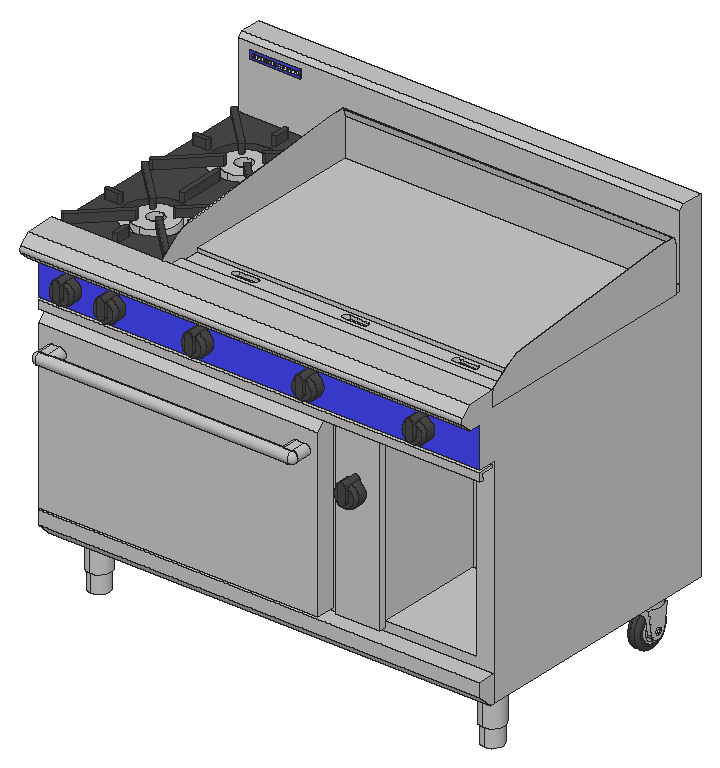
Revit family "QF_MOFFAT_BLUESEAL_CE_G508A", category Specialty Equipment, Revit 2012
Parameters
  Width = 1200 mm
  Weight in Pounds = 568
  URL Cutsheet = "www.moffat.com"
  URL = "www.moffat.com"
  Type Mark [instance] = ""
  Status [instance] = ""
  Specification by User [instance] = ""
  Specification by Manufacturer = ""
  Show Logo [instance] = yes
  Show Clearance [instance] = yes
  Show Casters [instance] = yes
  Serial Number = ""
  Seismic Rating = ""
  SMACNA No = ""
  Revision Code [instance] = ""
  Omniclass Number and Title = ""
  NAFEM Spec ID Number = ""
  Model = "G508A"
  Mechanical Remarks = ""
  Mechanical Connection Type [instance] = ""
  Masterspec = ""
  Manufacturer = "MOFFAT BLUESEAL"
  Legs [instance] = not(Show Casters)  # no
  Item Number [instance] = ""
  Installed By [instance] = ""
  Identify Quantity as Lot [instance] = yes
  Height = 970 mm
  Gas Size = 3/4"
  Gas RI Height [instance] = 0 mm
  Gas KW [instance] = 40.5
  Gas Input [instance] = 43599.0 Btu/h
  Gas Connection Height = 0 mm
  Furnished By [instance] = ""
  Foodservice Equipment Identifier [instance] = yes
  Description = "1200MM GAS RANGE WITH STATIC OVEN"
  Depth = 812 mm
  CSI MasterFormat = ""
  CSI Master Format = ""
  Body Finish = QF_Finishes_Stainless Steel
Reference planes
  plane 1 "BACK": y = 0
  plane 2: z = 0
  plane 3 "LEFT": x = 0
  plane 4 "RIGHT": x = 1200
  plane 5 "FRONT": y = -812
  plane 6 "TOP": z = 970
  plane 7 "Center Y": x = 600
  plane 8 "Center X": y = -406
  plane 9: x = 280
  plane 10: y = -574.272
  plane 11: x = 60
  plane 12: y = -304.972
  plane 13: y = -364.972
  plane 14: x = 74
  plane 15: y = -812
  plane 16: x = 1134.5
  plane 17: y = -32
  plane 18: z = 655
  plane 19: x = 65.5
  plane 20: x = 65.8
  plane 21: z = 1085
  plane 22: y = -705
Forms (mm)
  Extrusion 1, solid, material "QF_Finishes_Stainless Steel" <- "Body Finish"
    sketch origin (0, 0, 0) x (0, 1, 0) y (0, 0, 1)
      loop
        line (0, 150) -> (0, 1085) -> (-57.5, 1085) -> (-70, 1072.5) -> (-70, 875) -> (-705, 875) -> (-705, 915) -> (-783.97, 915) -> (-808.49, 890.48)
        arc (-808.49, 890.48) -> (-812.002, 882) -> (-808.49, 873.52) r 11.993
        line (-808.49, 873.52) -> (-784.97, 850) -> (-749, 850) -> (-749, 740) -> (-699, 740) -> (-699, 150) -> (0, 150)
      loop
        line (-749, 222.5) -> (-749, 186) -> (-713.26, 150.26) -> (-701, 150.26) -> (-701, 222.5) -> (-749, 222.5)
      loop
        line (-749, 710) -> (-740.224, 710) -> (-742.613, 726.999) -> (-707.93, 726.999) -> (-707.93, 734.003) -> (-749, 734.003) -> (-749, 710)
    from 0 to 1200
  Extrusion 2, solid, material "QF_Finishes_Stainless Steel"
    sketch origin (0, 7, 0) x (0, 1, 0) y (0, 0, 1)
      loop
        line (-706, 700) -> (-732, 700) -> (-756, 676) -> (-756, 227.5) -> (-706, 227.5) -> (-706, 700)
    from 0 to 760
  Extrusion 3, solid, material "QF_Finishes_Stainless Steel"
    sketch origin (723.5, 7, 0) x (0, 1, 0) y (0, 0, 1)
      loop
        line (-706, 700) -> (-721, 700) -> (-721, 227.5) -> (-706, 227.5) -> (-706, 700)
    from 56.898 to 176.5
  Revolve 4, solid, material "QF_Finishes_Stainless Steel" <- "Body Finish"
    sketch origin (1134.5, -696.126, 0) x (0, 1, 0) y (0, 0, -1)
      loop
        line (39.376, -150) -> (71.126, -150) -> (71.126, 0) -> (43.626, 0) -> (43.626, -50) -> (39.376, -50) -> (39.376, -150)
      axis (71.126, -150) -> (71.126, 0)
    angle from 0 to 360
  Revolve 5, solid, material "QF_Finishes_Stainless Steel" <- "Body Finish"
    sketch origin (65.5, -696.126, 0) x (0, 1, 0) y (0, 0, 1)
      loop
        line (39.376, 150) -> (39.376, 50) -> (43.626, 50) -> (43.626, 0) -> (71.126, 0) -> (71.126, 150) -> (39.376, 150)
      axis (71.126, 150) -> (71.126, 0)
    angle from 0 to 360
  Extrusion 6, solid, material "QF_Finishes_Stainless Steel"
    sketch origin (-64.5, 0, 325) x (1, 0, 0) y (0, 1, 0)
      loop
        circle (1134.5, -32) r 10
    from 330 to 374.856
  Extrusion 7, void
    sketch origin (0, -703.73, 150) x (0, 0, -1) y (-1, 0, 0)
      loop
        line (-526, -900) -> (-526, -1150) -> (-96, -1150) -> (-96, -900) -> (-526, -900)
    from 0 to 304.8
  Extrusion 8, solid, material "QF_Finishes_Black"
    sketch origin (0, -70, 875) x (0, -1, 0) y (1, 0, 0)
      loop
        arc (1, 4) -> (1.879, 1.879) -> (4, 1) r 3
        line (4, 1) -> (632, 1)
        arc (632, 1) -> (634.121, 1.879) -> (635, 4) r 3
        line (635, 4) -> (635, 297.232)
        arc (635, 297.232) -> (634.121, 299.354) -> (632, 300.232) r 3
        line (632, 300.232) -> (4, 300.232)
        arc (4, 300.232) -> (1.879, 299.354) -> (1, 297.232) r 3
        line (1, 297.232) -> (1, 4)
      loop
        circle (167.5, 150) r 85
      loop
        circle (467.768, 150) r 85
    from 0 to 19.5
  Extrusion 9, solid, material "QF_Finishes_Black"
    sketch origin (0, -70, 894.5) x (0, -1, 0) y (1, 0, 0)
      loop
        spline (327.102, 15.153) -> (326.181, 13.924) -> (325.631, 12.47) -> (325.49, 10.89) -> (325.767, 9.292) -> (326.443, 7.786) -> (327.473, 6.473) -> (328.786, 5.443) -> (330.292, 4.767) -> (331.89, 4.49) -> (333.47, 4.631) -> (334.924, 5.181) -> (336.153, 6.102)
        line (336.153, 6.102) -> (444.076, 114.025)
        spline (444.076, 114.025) -> (444.837, 115.095) -> (445.238, 116.399) -> (445.251, 117.851) -> (444.875, 119.35) -> (444.137, 120.795) -> (443.086, 122.086) -> (441.795, 123.137) -> (440.35, 123.875) -> (438.851, 124.251) -> (437.399, 124.238) -> (436.095, 123.837) -> (435.025, 123.076)
        line (435.025, 123.076) -> (327.102, 15.153)
      loop
        line (611.398, 15.153) -> (503.475, 123.076)
        spline (503.475, 123.076) -> (502.405, 123.837) -> (501.101, 124.238) -> (499.649, 124.251) -> (498.15, 123.875) -> (496.705, 123.137) -> (495.414, 122.086) -> (494.363, 120.795) -> (493.625, 119.35) -> (493.249, 117.851) -> (493.262, 116.399) -> (493.663, 115.095) -> (494.424, 114.025)
        line (494.424, 114.025) -> (602.347, 6.102)
        spline (602.347, 6.102) -> (603.416, 5.341) -> (604.721, 4.941) -> (606.172, 4.928) -> (607.671, 5.303) -> (609.116, 6.041) -> (610.408, 7.092) -> (611.459, 8.384) -> (612.197, 9.829) -> (612.572, 11.328) -> (612.559, 12.779) -> (612.159, 14.084) -> (611.398, 15.153)
      loop
        spline (379.102, 143.6) -> (380.396, 143.818) -> (381.602, 144.457) -> (382.638, 145.475) -> (383.432, 146.8) -> (383.932, 148.344) -> (384.102, 150) -> (383.932, 151.656) -> (383.432, 153.2) -> (382.638, 154.525) -> (381.602, 155.543) -> (380.396, 156.182) -> (379.102, 156.4)
        line (379.102, 156.4) -> (259.398, 156.4)
        spline (259.398, 156.4) -> (258.104, 156.182) -> (256.898, 155.543) -> (255.862, 154.525) -> (255.068, 153.2) -> (254.568, 151.656) -> (254.398, 150) -> (254.568, 148.344) -> (255.068, 146.8) -> (255.862, 145.475) -> (256.898, 144.457) -> (258.104, 143.818) -> (259.398, 143.6)
        line (259.398, 143.6) -> (379.102, 143.6)
      loop
        spline (23.602, 15.153) -> (22.681, 13.924) -> (22.131, 12.47) -> (21.99, 10.89) -> (22.267, 9.292) -> (22.943, 7.786) -> (23.973, 6.473) -> (25.286, 5.443) -> (26.792, 4.767) -> (28.39, 4.49) -> (29.97, 4.631) -> (31.424, 5.181) -> (32.653, 6.102)
        line (32.653, 6.102) -> (140.576, 114.025)
        spline (140.576, 114.025) -> (141.337, 115.095) -> (141.738, 116.399) -> (141.751, 117.851) -> (141.375, 119.35) -> (140.637, 120.795) -> (139.586, 122.086) -> (138.295, 123.137) -> (136.85, 123.875) -> (135.351, 124.251) -> (133.899, 124.238) -> (132.595, 123.837) -> (131.525, 123.076)
        line (131.525, 123.076) -> (23.602, 15.153)
      loop
        line (311.398, 15.153) -> (203.475, 123.076)
        spline (203.475, 123.076) -> (202.405, 123.837) -> (201.101, 124.238) -> (199.649, 124.251) -> (198.15, 123.875) -> (196.705, 123.137) -> (195.414, 122.086) -> (194.363, 120.795) -> (193.625, 119.35) -> (193.249, 117.851) -> (193.262, 116.399) -> (193.663, 115.095) -> (194.424, 114.025)
        line (194.424, 114.025) -> (302.347, 6.102)
        spline (302.347, 6.102) -> (303.416, 5.341) -> (304.721, 4.941) -> (306.172, 4.928) -> (307.671, 5.303) -> (309.116, 6.041) -> (310.408, 7.092) -> (311.459, 8.384) -> (312.197, 9.829) -> (312.572, 11.328) -> (312.559, 12.779) -> (312.159, 14.084) -> (311.398, 15.153)
      loop
        line (327.102, 284.847) -> (435.025, 176.924)
        spline (435.025, 176.924) -> (436.095, 176.163) -> (437.399, 175.762) -> (438.851, 175.749) -> (440.35, 176.125) -> (441.795, 176.863) -> (443.086, 177.914) -> (444.137, 179.205) -> (444.875, 180.65) -> (445.251, 182.149) -> (445.238, 183.601) -> (444.837, 184.905) -> (444.076, 185.975)
        line (444.076, 185.975) -> (336.153, 293.898)
        spline (336.153, 293.898) -> (334.924, 294.819) -> (333.47, 295.369) -> (331.89, 295.51) -> (330.292, 295.233) -> (328.786, 294.557) -> (327.473, 293.527) -> (326.443, 292.214) -> (325.767, 290.708) -> (325.49, 289.11) -> (325.631, 287.53) -> (326.181, 286.076) -> (327.102, 284.847)
      loop
        spline (611.398, 284.847) -> (612.159, 285.916) -> (612.559, 287.221) -> (612.572, 288.672) -> (612.197, 290.171) -> (611.459, 291.616) -> (610.408, 292.908) -> (609.116, 293.959) -> (607.671, 294.697) -> (606.172, 295.072) -> (604.721, 295.059) -> (603.416, 294.659) -> (602.347, 293.898)
        line (602.347, 293.898) -> (494.424, 185.975)
        spline (494.424, 185.975) -> (493.663, 184.905) -> (493.262, 183.601) -> (493.249, 182.149) -> (493.625, 180.65) -> (494.363, 179.205) -> (495.414, 177.914) -> (496.705, 176.863) -> (498.15, 176.125) -> (499.649, 175.749) -> (501.101, 175.762) -> (502.405, 176.163) -> (503.475, 176.924)
        line (503.475, 176.924) -> (611.398, 284.847)
      loop
        line (23.602, 284.847) -> (131.525, 176.924)
        spline (131.525, 176.924) -> (132.595, 176.163) -> (133.899, 175.762) -> (135.351, 175.749) -> (136.85, 176.125) -> (138.295, 176.863) -> (139.586, 177.914) -> (140.637, 179.205) -> (141.375, 180.65) -> (141.751, 182.149) -> (141.738, 183.601) -> (141.337, 184.905) -> (140.576, 185.975)
        line (140.576, 185.975) -> (32.653, 293.898)
        spline (32.653, 293.898) -> (31.424, 294.819) -> (29.97, 295.369) -> (28.39, 295.51) -> (26.792, 295.233) -> (25.286, 294.557) -> (23.973, 293.527) -> (22.943, 292.214) -> (22.267, 290.708) -> (21.99, 289.11) -> (22.131, 287.53) -> (22.681, 286.076) -> (23.602, 284.847)
      loop
        spline (311.398, 284.847) -> (312.159, 285.916) -> (312.559, 287.221) -> (312.572, 288.672) -> (312.197, 290.171) -> (311.459, 291.616) -> (310.408, 292.908) -> (309.116, 293.959) -> (307.671, 294.697) -> (306.172, 295.072) -> (304.721, 295.059) -> (303.416, 294.659) -> (302.347, 293.898)
        line (302.347, 293.898) -> (194.424, 185.975)
        spline (194.424, 185.975) -> (193.663, 184.905) -> (193.262, 183.601) -> (193.249, 182.149) -> (193.625, 180.65) -> (194.363, 179.205) -> (195.414, 177.914) -> (196.705, 176.863) -> (198.15, 176.125) -> (199.649, 175.749) -> (201.101, 175.762) -> (202.405, 176.163) -> (203.475, 176.924)
        line (203.475, 176.924) -> (311.398, 284.847)
      loop
        spline (473.9, 292.104) -> (473.682, 293.398) -> (473.043, 294.604) -> (472.025, 295.64) -> (470.7, 296.434) -> (469.156, 296.934) -> (467.5, 297.104) -> (465.844, 296.934) -> (464.3, 296.434) -> (462.975, 295.64) -> (461.957, 294.604) -> (461.318, 293.398) -> (461.1, 292.104)
        line (461.1, 292.104) -> (461.1, 242.13)
        spline (461.1, 242.13) -> (461.318, 240.836) -> (461.957, 239.63) -> (462.975, 238.595) -> (464.3, 237.8) -> (465.844, 237.301) -> (467.5, 237.13) -> (469.156, 237.301) -> (470.7, 237.8) -> (472.025, 238.595) -> (473.043, 239.63) -> (473.682, 240.836) -> (473.9, 242.13)
        line (473.9, 242.13) -> (473.9, 292.104)
      loop
        spline (173.9, 292.104) -> (173.682, 293.398) -> (173.043, 294.604) -> (172.025, 295.64) -> (170.7, 296.434) -> (169.156, 296.934) -> (167.5, 297.104) -> (165.844, 296.934) -> (164.3, 296.434) -> (162.975, 295.64) -> (161.957, 294.604) -> (161.318, 293.398) -> (161.1, 292.104)
        line (161.1, 292.104) -> (161.1, 242.13)
        spline (161.1, 242.13) -> (161.318, 240.836) -> (161.957, 239.63) -> (162.975, 238.595) -> (164.3, 237.8) -> (165.844, 237.301) -> (167.5, 237.13) -> (169.156, 237.301) -> (170.7, 237.8) -> (172.025, 238.595) -> (173.043, 239.63) -> (173.682, 240.836) -> (173.9, 242.13)
        line (173.9, 242.13) -> (173.9, 292.104)
      loop
        spline (65.602, 143.6) -> (66.896, 143.818) -> (68.102, 144.457) -> (69.138, 145.475) -> (69.932, 146.8) -> (70.432, 148.344) -> (70.602, 150) -> (70.432, 151.656) -> (69.932, 153.2) -> (69.138, 154.525) -> (68.102, 155.543) -> (66.896, 156.182) -> (65.602, 156.4)
        line (65.602, 156.4) -> (29.398, 156.4)
        spline (29.398, 156.4) -> (28.104, 156.182) -> (26.898, 155.543) -> (25.862, 154.525) -> (25.068, 153.2) -> (24.568, 151.656) -> (24.398, 150) -> (24.568, 148.344) -> (25.068, 146.8) -> (25.862, 145.475) -> (26.898, 144.457) -> (28.104, 143.818) -> (29.398, 143.6)
        line (29.398, 143.6) -> (65.602, 143.6)
      loop
        spline (605.602, 143.6) -> (606.896, 143.818) -> (608.102, 144.457) -> (609.138, 145.475) -> (609.932, 146.8) -> (610.432, 148.344) -> (610.602, 150) -> (610.432, 151.656) -> (609.932, 153.2) -> (609.138, 154.525) -> (608.102, 155.543) -> (606.896, 156.182) -> (605.602, 156.4)
        line (605.602, 156.4) -> (569.398, 156.4)
        spline (569.398, 156.4) -> (568.104, 156.182) -> (566.898, 155.543) -> (565.862, 154.525) -> (565.068, 153.2) -> (564.568, 151.656) -> (564.398, 150) -> (564.568, 148.344) -> (565.068, 146.8) -> (565.862, 145.475) -> (566.898, 144.457) -> (568.104, 143.818) -> (569.398, 143.6)
        line (569.398, 143.6) -> (605.602, 143.6)
      loop
        line (460.626, 50.584) -> (460.626, 16.591)
        spline (460.626, 16.591) -> (460.844, 15.297) -> (461.483, 14.091) -> (462.501, 13.055) -> (463.826, 12.261) -> (465.37, 11.761) -> (467.026, 11.591) -> (468.682, 11.761) -> (470.226, 12.261) -> (471.551, 13.055) -> (472.569, 14.091) -> (473.208, 15.297) -> (473.426, 16.591)
        line (473.426, 16.591) -> (473.426, 50.584)
        spline (473.426, 50.584) -> (473.208, 51.878) -> (472.569, 53.084) -> (471.551, 54.119) -> (470.226, 54.914) -> (468.682, 55.413) -> (467.026, 55.584) -> (465.37, 55.413) -> (463.826, 54.914) -> (462.501, 54.119) -> (461.483, 53.084) -> (460.844, 51.878) -> (460.626, 50.584)
      loop
        line (160.11, 50.584) -> (160.11, 16.591)
        spline (160.11, 16.591) -> (160.328, 15.297) -> (160.967, 14.091) -> (161.984, 13.055) -> (163.31, 12.261) -> (164.853, 11.761) -> (166.51, 11.591) -> (168.166, 11.761) -> (169.71, 12.261) -> (171.035, 13.055) -> (172.052, 14.091) -> (172.692, 15.297) -> (172.91, 16.591)
        line (172.91, 16.591) -> (172.91, 50.584)
        spline (172.91, 50.584) -> (172.692, 51.878) -> (172.052, 53.084) -> (171.035, 54.119) -> (169.71, 54.914) -> (168.166, 55.413) -> (166.51, 55.584) -> (164.853, 55.413) -> (163.31, 54.914) -> (161.984, 54.119) -> (160.967, 53.084) -> (160.328, 51.878) -> (160.11, 50.584)
    from 0 to 23.5
  Revolve 10, solid, material "QF_Finishes_Black"
    sketch origin (90.649, 45.874, -0.118) x (0, 1, 0) y (0, 0, -1)
      loop
        line (-827.874, -829.5) -> (-804.874, -829.5) -> (-804.874, -802) -> (-794.874, -802) -> (-794.874, -797) -> (-838.874, -797) -> (-838.874, -823.651) -> (-827.874, -829.5)
      axis (-838.874, -797) -> (-794.874, -797)
    angle from 0 to 360
  Revolve 11, solid, material "QF_Finishes_Black"
    sketch origin (210.649, 45.874, -0.118) x (0, 1, 0) y (0, 0, -1)
      loop
        line (-827.874, -829.5) -> (-804.874, -829.5) -> (-804.874, -802) -> (-794.874, -802) -> (-794.874, -797) -> (-838.874, -797) -> (-838.874, -823.651) -> (-827.874, -829.5)
      axis (-838.874, -797) -> (-794.874, -797)
    angle from 0 to 360
  Revolve 12, solid, material "QF_Finishes_Black"
    sketch origin (450.345, 45.874, -0.118) x (0, 1, 0) y (0, 0, -1)
      loop
        line (-827.874, -829.5) -> (-804.874, -829.5) -> (-804.874, -802) -> (-794.874, -802) -> (-794.874, -797) -> (-838.874, -797) -> (-838.874, -823.651) -> (-827.874, -829.5)
      axis (-838.874, -797) -> (-794.874, -797)
    angle from 0 to 360
  Extrusion 13, solid, material "QF_Finishes_Black"
    sketch origin (238.456, 7, -0.118) x (-1, 0, 0) y (0, 0, -1)
      loop
        arc (158.3, -789) -> (148.3, -779) -> (138.3, -789) r 10
        line (138.3, -789) -> (138.3, -824)
        arc (138.3, -824) -> (148.3, -834) -> (158.3, -824) r 10
        line (158.3, -824) -> (158.3, -789)
    from 759 to 808
  Extrusion 14, solid, material "QF_Finishes_Black"
    sketch origin (358.456, 7, -0.118) x (-1, 0, 0) y (0, 0, -1)
      loop
        arc (158.3, -789) -> (148.3, -779) -> (138.3, -789) r 10
        line (138.3, -789) -> (138.3, -824)
        arc (138.3, -824) -> (148.3, -834) -> (158.3, -824) r 10
        line (158.3, -824) -> (158.3, -789)
    from 759 to 808
  Extrusion 15, solid, material "QF_Finishes_Black"
    sketch origin (598.152, 7, -0.118) x (-1, 0, 0) y (0, 0, -1)
      loop
        arc (158.3, -789) -> (148.3, -779) -> (138.3, -789) r 10
        line (138.3, -789) -> (138.3, -824)
        arc (138.3, -824) -> (148.3, -834) -> (158.3, -824) r 10
        line (158.3, -824) -> (158.3, -789)
    from 759 to 808
  Revolve 16, solid, material "QF_Finishes_Black"
    sketch origin (836.851, 80.874, -246.368) x (0, 1, 0) y (0, 0, 1)
      loop
        line (-827.874, 829.5) -> (-838.874, 823.651) -> (-838.874, 797) -> (-794.874, 797) -> (-794.874, 802) -> (-804.874, 802) -> (-804.874, 829.5) -> (-827.874, 829.5)
      axis (-838.874, 797) -> (-794.874, 797)
    angle from 0 to 360
  Extrusion 17, solid, material "QF_Finishes_Black"
    sketch origin (389.044, 42, -246.368) x (1, 0, 0) y (0, 0, 1)
      loop
        line (458.3, 789) -> (458.3, 824)
        arc (458.3, 824) -> (448.3, 834) -> (438.3, 824) r 10
        line (438.3, 824) -> (438.3, 789)
        arc (438.3, 789) -> (448.3, 779) -> (458.3, 789) r 10
    from 759 to 808
  Extrusion 18, solid, material "QF_Door-Drawer Clearances", visible <- "Show Clearance", detail levels coarse
    sketch origin (760, 7, 0) x (0, 1, 0) y (0, 0, 1)
      loop
        arc (-756, 697.347) -> (-1088.232, 559.732) -> (-1225.847, 227.5) r 469.847
        line (-1225.847, 227.5) -> (-756, 227.5) -> (-756, 697.347)
    from 0 to -760
  Extrusion 19, void
    sketch origin (0, 0, 150) x (-1, 0, 0) y (0, -1, 0)
      loop
        line (-1133.988, 87.26) -> (-1133.988, -30.24) -> (-1004.488, -30.24) -> (-1004.488, 38.76) -> (-1052.988, 87.26) -> (-1133.988, 87.26)
    from 72.5 to 549.856
  Extrusion 20, solid, material "QF_Finishes_Stainless Steel"
    sketch origin (0, -749, 227.5) x (0, 0, 1) y (-1, 0, 0)
      loop
        line (380.625, -38.246) -> (380.625, -58.528)
        arc (380.625, -58.528) -> (395.625, -73.528) -> (410.625, -58.528) r 15
        line (410.625, -58.528) -> (410.625, -38.246)
        arc (410.625, -38.246) -> (395.625, -23.246) -> (380.625, -38.246) r 15
      loop
        arc (380.625, -723.039) -> (395.625, -738.039) -> (410.625, -723.039) r 15
        line (410.625, -723.039) -> (410.625, -702.757)
        arc (410.625, -702.757) -> (395.625, -687.757) -> (380.625, -702.757) r 15
        line (380.625, -702.757) -> (380.625, -723.039)
    from 0 to 44
  Revolve 21, solid, material "QF_Finishes_Stainless Steel"
    sketch origin (0, -793, 0) x (1, 0, 0) y (0, 0, 1)
      loop
        arc (738.039, 623.125) -> (733.646, 633.732) -> (723.039, 638.125) r 15
        line (723.039, 638.125) -> (38.246, 638.125)
        arc (38.246, 638.125) -> (27.64, 633.732) -> (23.246, 623.125) r 15
        line (23.246, 623.125) -> (738.039, 623.125)
      axis (738.039, 623.125) -> (23.246, 623.125)
    angle from 0 to 360
  Extrusion 22, solid, material "QF_Finishes_Stainless Steel"
    sketch origin (0, -70, 875) x (0, -1, 0) y (1, 0, 0)
      loop
        circle (467.5, 150) r 57
      loop
        circle (167.5, 150) r 57
      loop
        circle (467.5, 150) r 22
      loop
        circle (167.5, 150) r 22
    from 0 to 19.5
  Extrusion 23, solid, material "QF_Finishes_Stainless Steel", visible <- "Show Casters"
    sketch origin (71.501, 133.353, -8.783) x (0, 1, 0) y (0, 0, 1)
      loop
        line (-201.603, 118.783) -> (-265.103, 118.783) -> (-252.746, 53.895)
        arc (-252.746, 53.895) -> (-233.353, 38.783) -> (-213.959, 53.895) r 20
        line (-213.959, 53.895) -> (-201.603, 118.783)
    from -35.667 to 22.923
  Revolve 24, solid, material "QF_Finishes_Stainless Steel", visible <- "Show Casters"
    sketch origin (65, -203, 0) x (0, 1, 0) y (0, 0, 1)
      loop
        line (67.25, 150) -> (67.25, 110) -> (103, 110) -> (103, 150) -> (67.25, 150)
      axis (103, 150) -> (103, 110)
    angle from 0 to 360
  Revolve 25, solid, material "QF_Finishes_Stainless Steel", visible <- "Show Casters"
    sketch origin (1134.5, -203, 0) x (0, 1, 0) y (0, 0, -1)
      loop
        line (67.25, -150) -> (103, -150) -> (103, -110) -> (67.25, -110) -> (67.25, -150)
      axis (103, -150) -> (103, -110)
    angle from 0 to 360
  Revolve 26, solid, material "QF_Finishes_Stainless Steel", visible <- "Show Casters"
    sketch origin (1085.276, -99.755, -13.653) x (1, 0, 0) y (0, 0, 1)
      loop
        line (14.841, 64.453) -> (83.584, 64.453) -> (83.584, 67.958) -> (82.314, 69.228) -> (80.79, 69.228) -> (80.79, 72.674) -> (68.644, 72.674) -> (68.644, 82.639) -> (65.088, 84.692) -> (63.738, 93.028) -> (65.881, 93.028) -> (65.881, 99.378) -> (65.088, 99.378) -> (65.088, 105.728)
        arc (65.088, 105.728) -> (62.298, 112.463) -> (55.563, 115.253) r 9.525
        line (55.563, 115.253) -> (42.863, 115.253)
        arc (42.863, 115.253) -> (36.127, 112.463) -> (33.338, 105.728) r 9.525
        line (33.338, 105.728) -> (33.338, 99.378) -> (32.544, 99.378) -> (32.544, 93.028) -> (34.687, 93.028) -> (33.352, 84.781) -> (29.782, 82.719) -> (29.782, 72.674) -> (17.635, 72.674) -> (17.635, 69.228) -> (16.111, 69.228) -> (14.841, 67.958) -> (14.841, 64.453)
      axis (14.841, 64.453) -> (83.584, 64.453)
    angle from 0 to 360
  Extrusion 27, solid, material "QF_Finishes_Stainless Steel", visible <- "Show Casters"
    sketch origin (1141.001, 133.353, -8.783) x (0, 1, 0) y (0, 0, 1)
      loop
        line (-201.603, 118.783) -> (-265.103, 118.783) -> (-252.746, 53.895)
        arc (-252.746, 53.895) -> (-233.353, 38.783) -> (-213.959, 53.895) r 20
        line (-213.959, 53.895) -> (-201.603, 118.783)
    from -35.667 to 22.923
  Revolve 28, solid, material "QF_Finishes_Stainless Steel", visible <- "Legs"
    sketch origin (65, -165, 0) x (0, 1, 0) y (0, 0, 1)
      loop
        line (33.25, 150) -> (33.25, 50) -> (37.5, 50) -> (37.5, 0) -> (65, 0) -> (65, 150) -> (33.25, 150)
      axis (65, 150) -> (65, 0)
    angle from 0 to 360
  Revolve 29, solid, material "QF_Finishes_Stainless Steel", visible <- "Legs"
    sketch origin (1134.5, -165, 0) x (0, 1, 0) y (0, 0, -1)
      loop
        line (33.25, -150) -> (65, -150) -> (65, 0) -> (37.5, 0) -> (37.5, -50) -> (33.25, -50) -> (33.25, -150)
      axis (65, -150) -> (65, 0)
    angle from 0 to 360
  Revolve 30, solid, material "QF_Finishes_Stainless Steel", visible <- "Show Casters"
    sketch origin (114.224, -99.755, -13.653) x (-1, 0, 0) y (0, 0, -1)
      loop
        line (14.841, -64.453) -> (14.841, -67.958) -> (16.111, -69.228) -> (17.635, -69.228) -> (17.635, -72.674) -> (29.782, -72.674) -> (29.782, -82.719) -> (33.352, -84.781) -> (34.687, -93.028) -> (32.544, -93.028) -> (32.544, -99.378) -> (33.338, -99.378) -> (33.338, -105.728)
        arc (33.338, -105.728) -> (36.127, -112.463) -> (42.863, -115.253) r 9.525
        line (42.863, -115.253) -> (55.563, -115.253)
        arc (55.563, -115.253) -> (62.298, -112.463) -> (65.088, -105.728) r 9.525
        line (65.088, -105.728) -> (65.088, -99.378) -> (65.881, -99.378) -> (65.881, -93.028) -> (63.738, -93.028) -> (65.088, -84.692) -> (68.644, -82.639) -> (68.644, -72.674) -> (80.79, -72.674) -> (80.79, -69.228) -> (82.314, -69.228) -> (83.584, -67.958) -> (83.584, -64.453) -> (14.841, -64.453)
      axis (14.841, -64.453) -> (83.584, -64.453)
    angle from 0 to 360
  Revolve 31, solid, material "QF_Finishes_Black"
    sketch origin (750.232, 45.874, -0.118) x (0, 1, 0) y (0, 0, -1)
      loop
        line (-827.874, -829.5) -> (-804.874, -829.5) -> (-804.874, -802) -> (-794.874, -802) -> (-794.874, -797) -> (-838.874, -797) -> (-838.874, -823.651) -> (-827.874, -829.5)
      axis (-838.874, -797) -> (-794.874, -797)
    angle from 0 to 360
  Extrusion 32, solid, material "QF_Finishes_Black"
    sketch origin (898.039, 7, -0.118) x (-1, 0, 0) y (0, 0, -1)
      loop
        arc (158.3, -789) -> (148.3, -779) -> (138.3, -789) r 10
        line (138.3, -789) -> (138.3, -824)
        arc (138.3, -824) -> (148.3, -834) -> (158.3, -824) r 10
        line (158.3, -824) -> (158.3, -789)
    from 759 to 808
  Revolve 33, solid, material "QF_Finishes_Black"
    sketch origin (1050.119, 45.874, -0.118) x (0, 1, 0) y (0, 0, -1)
      loop
        line (-827.874, -829.5) -> (-804.874, -829.5) -> (-804.874, -802) -> (-794.874, -802) -> (-794.874, -797) -> (-838.874, -797) -> (-838.874, -823.651) -> (-827.874, -829.5)
      axis (-838.874, -797) -> (-794.874, -797)
    angle from 0 to 360
  Extrusion 34, solid, material "QF_Finishes_Black"
    sketch origin (1197.926, 7, -0.118) x (-1, 0, 0) y (0, 0, -1)
      loop
        arc (158.3, -789) -> (148.3, -779) -> (138.3, -789) r 10
        line (138.3, -789) -> (138.3, -824)
        arc (138.3, -824) -> (148.3, -834) -> (158.3, -824) r 10
        line (158.3, -824) -> (158.3, -789)
    from 759 to 808
Cuts and joins
  Extrusion 7, Extrusion 19 cuts Extrusion 1
Lines and regions (mm)
  Split face 1
    outline origin (1200, 0, 1085) x (-1, 0, 0) y (0, -1, 0)
      loop
        arc (935.206, 45.185) -> (926.545, 40.185) -> (926.545, 30.185) r 10
        line (926.545, 30.185) -> (930.587, 23.185)
        arc (930.587, 23.185) -> (934.247, 19.525) -> (939.247, 18.185) r 10
        line (939.247, 18.185) -> (1167.206, 18.185)
        arc (1167.206, 18.185) -> (1175.866, 23.185) -> (1175.866, 33.185) r 10
        line (1175.866, 33.185) -> (1171.824, 40.185)
        arc (1171.824, 40.185) -> (1168.164, 43.845) -> (1163.164, 45.185) r 10
        line (1163.164, 45.185) -> (935.206, 45.185)
  Split face 2
    outline origin (1200, 0, 1085) x (-1, 0, 0) y (0, -1, 0)
      loop
        arc (635.206, 45.185) -> (626.545, 40.185) -> (626.545, 30.185) r 10
        line (626.545, 30.185) -> (630.587, 23.185)
        arc (630.587, 23.185) -> (634.247, 19.525) -> (639.247, 18.185) r 10
        line (639.247, 18.185) -> (867.206, 18.185)
        arc (867.206, 18.185) -> (875.866, 23.185) -> (875.866, 33.185) r 10
        line (875.866, 33.185) -> (871.824, 40.185)
        arc (871.824, 40.185) -> (868.164, 43.845) -> (863.164, 45.185) r 10
        line (863.164, 45.185) -> (635.206, 45.185)
  Split face 3
    outline origin (1200, 0, 1085) x (-1, 0, 0) y (0, -1, 0)
      loop
        arc (335.206, 45.185) -> (326.545, 40.185) -> (326.545, 30.185) r 10
        line (326.545, 30.185) -> (330.587, 23.185)
        arc (330.587, 23.185) -> (334.247, 19.525) -> (339.247, 18.185) r 10
        line (339.247, 18.185) -> (567.206, 18.185)
        arc (567.206, 18.185) -> (575.866, 23.185) -> (575.866, 33.185) r 10
        line (575.866, 33.185) -> (571.824, 40.185)
        arc (571.824, 40.185) -> (568.164, 43.845) -> (563.164, 45.185) r 10
        line (563.164, 45.185) -> (335.206, 45.185)
  Split face 4
    outline origin (1200, 0, 1085) x (-1, 0, 0) y (0, -1, 0)
      loop
        arc (35.206, 45.185) -> (26.545, 40.185) -> (26.545, 30.185) r 10
        line (26.545, 30.185) -> (30.587, 23.185)
        arc (30.587, 23.185) -> (34.247, 19.525) -> (39.247, 18.185) r 10
        line (39.247, 18.185) -> (267.206, 18.185)
        arc (267.206, 18.185) -> (275.866, 23.185) -> (275.866, 33.185) r 10
        line (275.866, 33.185) -> (271.824, 40.185)
        arc (271.824, 40.185) -> (268.164, 43.845) -> (263.164, 45.185) r 10
        line (263.164, 45.185) -> (35.206, 45.185)
  symbolic lines
    curve 1: line (0, 0, 0) -> (0, -812, 0)
    curve 2: line (1200, 0, 0) -> (0, 0, 0)
    curve 3: line (1200, -812, 0) -> (1200, 0, 0)
    curve 4: line (0, -70, 0) -> (1200, -70, 0)
    curve 5: line (1200, -812, 0) -> (0, -812, 0)
    curve 6: line (1200, -708.3, 0) -> (0, -708.3, 0)
    curve 7: line (0, -705, 0) -> (1200, -705, 0)
    curve 8: line (1200, -72.734, 0) -> (0, -72.734, 0)
    curve 9: arc (22.65, -812, 0) -> (34.104, -822.278, 0) -> (48.889, -826.544, 0) r 34.455
    curve 10: line (48.889, -826.544, 0) -> (718.108, -826.544, 0)
    curve 11: arc (718.108, -826.544, 0) -> (732.653, -822.647, 0) -> (743.3, -812, 0) r 29.089
    curve 12: line (6.08, -94.387, 0) -> (121.515, -209.822, 0)
    curve 13: line (293.92, -94.387, 0) -> (178.485, -209.822, 0)
    curve 14: line (6.83, -379.864, 0) -> (121.515, -265.178, 0)
    curve 15: line (292.516, -379.21, 0) -> (178.485, -265.178, 0)
    curve 16: line (6.08, -398.155, 0) -> (121.515, -510.089, 0)
    curve 17: line (293.92, -398.155, 0) -> (178.485, -510.089, 0)
    curve 18: line (9.883, -677.078, 0) -> (121.515, -565.446, 0)
    curve 19: line (291.622, -678.583, 0) -> (178.485, -565.446, 0)
    curve 20: arc (150, -294.5, 0) -> (207, -237.5, 0) -> (150, -180.5, 0) r 57
    curve 21: arc (150, -180.5, 0) -> (93, -237.5, 0) -> (150, -294.5, 0) r 57
    curve 22: arc (150, -594.5, 0) -> (207, -537.5, 0) -> (150, -480.5, 0) r 57
    curve 23: arc (150, -480.5, 0) -> (93, -537.5, 0) -> (150, -594.5, 0) r 57
    curve 24: line (297.78, -237.81, 0) -> (237.78, -237.81, 0)
    curve 25: line (149.618, -450.258, 0) -> (149.618, -325.258, 0)
    curve 26: line (297.78, -537.81, 0) -> (237.78, -537.81, 0)
    curve 27: line (149.197, -139.807, 0) -> (149.197, -94.807, 0)
    curve 28: line (149.197, -674.807, 0) -> (149.197, -634.807, 0)
    curve 29: line (49.678, -236.51, 0) -> (14.678, -236.51, 0)
    curve 30: line (49.678, -536.51, 0) -> (14.678, -536.51, 0)
    curve 34: arc (150, -322.5, 0) -> (65, -237.5, 0) -> (150, -152.5, 0) r 85
    curve 35: arc (150, -152.5, 0) -> (235, -237.5, 0) -> (150, -322.5, 0) r 85
    curve 36: arc (150, -452.768, 0) -> (235, -537.768, 0) -> (150, -622.768, 0) r 85
    curve 37: arc (150, -622.768, 0) -> (65, -537.768, 0) -> (150, -452.768, 0) r 85
    curve 38: line (300.232, -72.734, 0) -> (300.232, -705, 0)
    curve 39: line (0, -390.308, 0) -> (300.232, -390.308, 0)
    curve 40: arc (150, -215.5, 0) -> (172, -237.5, 0) -> (150, -259.5, 0) r 22
    curve 41: arc (150, -259.5, 0) -> (128, -237.5, 0) -> (150, -215.5, 0) r 22
    curve 42: arc (150, -515.5, 0) -> (172, -537.5, 0) -> (150, -559.5, 0) r 22
    curve 43: arc (150, -559.5, 0) -> (128, -537.5, 0) -> (150, -515.5, 0) r 22
    curve 44: line (1160.753, -18.185, 0) -> (932.794, -18.185, 0)
    curve 45: arc (932.794, -18.185, 0) -> (924.134, -23.185, 0) -> (924.134, -33.185, 0) r 10
    curve 46: line (924.134, -33.185, 0) -> (928.176, -40.185, 0)
    curve 47: arc (928.176, -40.185, 0) -> (931.836, -43.845, 0) -> (936.836, -45.185, 0) r 10
    curve 48: line (936.836, -45.185, 0) -> (1164.794, -45.185, 0)
    curve 49: arc (1164.794, -45.185, 0) -> (1173.455, -40.185, 0) -> (1173.455, -30.185, 0) r 10
    curve 50: line (1173.455, -30.185, 0) -> (1169.413, -23.185, 0)
    curve 51: arc (1169.413, -23.185, 0) -> (1165.753, -19.525, 0) -> (1160.753, -18.185, 0) r 10
    curve 52: line (632.794, -18.185, 0) -> (860.753, -18.185, 0)
    curve 53: arc (860.753, -18.185, 0) -> (865.753, -19.525, 0) -> (869.413, -23.185, 0) r 10
    curve 54: line (869.413, -23.185, 0) -> (873.455, -30.185, 0)
    curve 55: arc (873.455, -30.185, 0) -> (873.455, -40.185, 0) -> (864.794, -45.185, 0) r 10
    curve 56: line (864.794, -45.185, 0) -> (636.836, -45.185, 0)
    curve 57: arc (636.836, -45.185, 0) -> (631.836, -43.845, 0) -> (628.176, -40.185, 0) r 10
    curve 58: line (628.176, -40.185, 0) -> (624.134, -33.185, 0)
    curve 59: arc (624.134, -33.185, 0) -> (624.134, -23.185, 0) -> (632.794, -18.185, 0) r 10
    curve 60: line (332.794, -18.185, 0) -> (560.753, -18.185, 0)
    curve 61: arc (560.753, -18.185, 0) -> (565.753, -19.525, 0) -> (569.413, -23.185, 0) r 10
    curve 62: line (569.413, -23.185, 0) -> (573.455, -30.185, 0)
    curve 63: arc (573.455, -30.185, 0) -> (573.455, -40.185, 0) -> (564.794, -45.185, 0) r 10
    curve 64: line (564.794, -45.185, 0) -> (336.836, -45.185, 0)
    curve 65: arc (336.836, -45.185, 0) -> (331.836, -43.845, 0) -> (328.176, -40.185, 0) r 10
    curve 66: line (328.176, -40.185, 0) -> (324.134, -33.185, 0)
    curve 67: arc (324.134, -33.185, 0) -> (324.134, -23.185, 0) -> (332.794, -18.185, 0) r 10
    curve 68: line (260.753, -18.185, 0) -> (32.794, -18.185, 0)
    curve 69: arc (32.794, -18.185, 0) -> (24.134, -23.185, 0) -> (24.134, -33.185, 0) r 10
    curve 70: line (24.134, -33.185, 0) -> (28.176, -40.185, 0)
    curve 71: arc (28.176, -40.185, 0) -> (31.836, -43.845, 0) -> (36.836, -45.185, 0) r 10
    curve 72: line (36.836, -45.185, 0) -> (264.794, -45.185, 0)
    curve 73: arc (264.794, -45.185, 0) -> (273.455, -40.185, 0) -> (273.455, -30.185, 0) r 10
    curve 74: line (273.455, -30.185, 0) -> (269.413, -23.185, 0)
    curve 75: arc (269.413, -23.185, 0) -> (265.753, -19.525, 0) -> (260.753, -18.185, 0) r 10
    curve 76: line (0, -57.5, 0) -> (1200, -57.5, 0)
    curve 77: line (0, -783.97, 0) -> (1200, -783.97, 0)
  symbolic lines, style "QF_Door-Drawer Clearances", visible <- "Show Clearance"
    curve 31: line (0, -1218.847, 0) -> (760, -1218.847, 0)
    curve 32: line (760, -1218.847, 0) -> (760, -812, 0)
    curve 33: line (0, -1218.847, 0) -> (0, -812, 0)
Dimensions and locks
  equal spacing: plane 3 "LEFT", plane 7 "Center Y", plane 4 "RIGHT"
  "Width": plane 3 "LEFT" to plane 4 "RIGHT"
  equal spacing: plane 5 "FRONT", plane 8 "Center X", plane 1 "BACK"
  plane 5 "FRONT" to plane 1 "BACK" = 812 mm  (x2)
  equal spacing: plane 4 "RIGHT", plane 7 "Center Y", plane 3 "LEFT"
  plane 4 "RIGHT" to plane 3 "LEFT" = 1200 mm
  "Height": plane 6 "TOP" to level
  plane 10 to plane 1 "BACK" = 574.272 mm
  plane 12 to plane 1 "BACK" = 304.972 mm  (x2)
  plane 11 to plane 3 "LEFT" = 60 mm
  plane 14 to plane 3 "LEFT" = 74 mm
  plane 9 to plane 3 "LEFT" = 280 mm
  "Depth": plane 1 "BACK" to plane 15
  plane 5 "FRONT" to plane 15 = 0 mm
  plane 6 "TOP" to plane 2 = 970 mm
  plane 2 to Extrusion 1 sketch curve = 875 mm
  locked: plane 2 to Extrusion 1 sketch curve at 915
  locked: plane 4 "RIGHT" to plane 16 at 65.5
  Extrusion 8 sketch curve to plane 20 = 64.8 mm
  plane 21 to level = 1085 mm
  Revolve 26 sketch curve to Revolve 26 sketch curve = 50.8 mm
  Revolve 30 sketch curve to Revolve 30 sketch curve = 50.8 mm
  aligned and locked: level to plane 2
  aligned and locked: curve 3 to plane 4 "RIGHT"
  aligned and locked: Extrusion 1 to plane 4 "RIGHT"
  aligned and locked: plane 16 to Revolve 4
  aligned and locked: Extrusion 18 to Extrusion 2
Automatic sketch dimensions
  curve 20 to curve 34 = 0 mm
  curve 21 to curve 35 = 0 mm
  curve 21 to curve 41 = 0 mm
  curve 22 to curve 43 = 0 mm
  curve 23 to curve 43 = 0 mm
  curve 35 to curve 41 = 0 mm
  plane 1 "BACK" to curve 1 = 0 mm
  curve 1 to plane 3 "LEFT" = 0 mm
  plane 5 "FRONT" to curve 9 = 0 mm
  plane 22 to curve 38 = 0 mm
  plane 3 "LEFT" to curve 16 = 6.08 mm
  plane 3 "LEFT" to curve 12 = 6.08 mm
  plane 3 "LEFT" to curve 14 = 6.83 mm
  plane 3 "LEFT" to curve 18 = 9.883 mm
  plane 3 "LEFT" to curve 29 = 14.678 mm
  plane 3 "LEFT" to curve 30 = 14.678 mm
  plane 3 "LEFT" to curve 9 = 22.65 mm
  curve 70 to plane 17 = 1.185 mm
  plane 3 "LEFT" to curve 70 = 24.134 mm
  curve 69 to curve 71 = 4.041 mm
  curve 69 to curve 69 = 8.66 mm
  curve 71 to curve 71 = 8.66 mm
  curve 10 to plane 11 = 11.111 mm
  curve 29 to plane 11 = 10.322 mm
  curve 30 to plane 11 = 10.322 mm
  curve 9 to plane 11 = 9.192 mm
  plane 10 to curve 18 = 8.826 mm
  plane 14 to curve 18 = 47.515 mm
  plane 14 to curve 14 = 47.515 mm
  plane 14 to curve 12 = 47.515 mm
  plane 14 to curve 16 = 47.515 mm
  curve 18 to curve 28 = 27.682 mm
  plane 14 to curve 27 = 75.197 mm
  curve 25 to plane 12 = 20.285 mm
  curve 14 to curve 25 = 28.103 mm
  curve 16 to curve 22 = 28.485 mm
  curve 12 to curve 41 = 28.485 mm
  curve 25 to curve 37 = 0.382 mm
  curve 42 to curve 17 = 28.485 mm
  curve 40 to curve 13 = 28.485 mm
  plane 10 to curve 19 = 8.826 mm
  curve 42 to curve 19 = 28.485 mm
  plane 12 to curve 15 = 39.794 mm
  curve 40 to curve 15 = 28.485 mm
  curve 24 to plane 9 = 42.22 mm
  curve 26 to plane 9 = 42.22 mm
  curve 68 to plane 9 = 19.247 mm
  curve 73 to plane 9 = 15.206 mm
  curve 75 to curve 75 = 8.66 mm
  plane 17 to curve 74 = 1.815 mm
  curve 74 to plane 9 = 6.545 mm
  plane 9 to curve 19 = 11.622 mm
  plane 9 to curve 15 = 12.516 mm
  plane 9 to curve 13 = 13.92 mm
  plane 9 to curve 17 = 13.92 mm
  plane 9 to curve 24 = 17.78 mm
  plane 9 to curve 26 = 17.78 mm
  plane 9 to curve 38 = 20.232 mm
  curve 67 to plane 17 = 1.185 mm
  plane 9 to curve 67 = 44.134 mm
  curve 66 to plane 17 = 8.185 mm
  curve 66 to curve 66 = 4.041 mm
  plane 17 to curve 67 = 13.815 mm
  curve 67 to curve 67 = 8.66 mm
  curve 65 to curve 64 = 8.66 mm
  curve 60 to plane 7 "Center Y" = 39.247 mm
  curve 61 to curve 64 = 4.041 mm
  curve 61 to curve 61 = 8.66 mm
  plane 17 to curve 63 = 1.815 mm
  curve 61 to curve 63 = 4.041 mm
  curve 59 to plane 17 = 1.185 mm
  plane 7 "Center Y" to curve 59 = 24.134 mm
  curve 59 to curve 57 = 4.041 mm  (x2)
  plane 17 to curve 59 = 13.815 mm
  curve 59 to curve 59 = 8.66 mm
  curve 57 to plane 17 = 3.185 mm
  curve 55 to plane 17 = 3.185 mm
  curve 53 to curve 55 = 4.041 mm
  plane 17 to curve 54 = 8.815 mm
  curve 53 to curve 54 = 8.66 mm
  plane 17 to curve 55 = 1.815 mm
  curve 54 to curve 55 = 4.041 mm
  curve 46 to plane 17 = 1.185 mm
  curve 54 to curve 46 = 50.679 mm
  curve 45 to curve 47 = 4.041 mm  (x2)
  curve 45 to curve 44 = 8.66 mm
  curve 47 to plane 17 = 3.185 mm
  plane 17 to curve 44 = 13.815 mm
  plane 16 to curve 44 = 26.253 mm
  curve 49 to plane 17 = 3.185 mm
  curve 51 to curve 49 = 4.041 mm
  curve 51 to curve 51 = 8.66 mm
  plane 17 to curve 50 = 1.815 mm
  curve 51 to curve 50 = 4.041 mm
  plane 5 "FRONT" to curve 9 = 14.544 mm
  curve 33 to curve 9 = 392.303 mm
  curve 77 to plane 5 "FRONT" = 28.03 mm
  plane 22 to curve 6 = 3.3 mm
  curve 19 to plane 22 = 26.417 mm
  curve 18 to plane 22 = 27.922 mm
  curve 28 to plane 22 = 30.193 mm
  curve 28 to curve 28 = 40 mm
  curve 28 to curve 36 = 12.039 mm
  curve 23 to plane 10 = 20.228 mm
  plane 10 to curve 42 = 14.772 mm
  plane 10 to curve 26 = 36.462 mm
  curve 42 to curve 36 = 21.732 mm
  curve 36 to curve 42 = 0.268 mm
  plane 10 to curve 30 = 37.763 mm
  curve 43 to curve 16 = 5.411 mm
  curve 42 to curve 17 = 5.411 mm
  curve 37 to curve 25 = 2.51 mm
  plane 8 "Center X" to curve 16 = 7.845 mm
  plane 8 "Center X" to curve 17 = 7.845 mm
  curve 17 to curve 39 = 7.846 mm
  curve 39 to curve 14 = 10.445 mm
  curve 39 to curve 15 = 11.099 mm
  curve 25 to curve 34 = 2.758 mm
  plane 12 to curve 21 = 10.472 mm
  plane 12 to curve 14 = 39.794 mm
  curve 14 to curve 41 = 5.678 mm
  curve 15 to curve 24 = 27.368 mm
  curve 40 to curve 34 = 22 mm
  plane 12 to curve 29 = 68.463 mm
  curve 40 to curve 13 = 5.678 mm
  curve 41 to curve 12 = 5.678 mm
  curve 34 to curve 27 = 12.693 mm
  curve 27 to curve 27 = 45 mm
  curve 13 to plane 17 = 62.387 mm
  curve 12 to plane 17 = 62.387 mm
  curve 12 to curve 8 = 21.653 mm
  curve 8 to curve 4 = 2.734 mm
  curve 4 to curve 76 = 12.5 mm
  curve 73 to plane 17 = 13.185 mm
  curve 63 to plane 17 = 13.185 mm
  curve 70 to curve 69 = 7 mm
  plane 17 to curve 75 = 3.815 mm
  plane 17 to curve 61 = 3.815 mm
  plane 17 to curve 51 = 3.815 mm
  plane 17 to curve 69 = 3.815 mm
  Extrusion 1 sketch curve to plane 22 = 0 mm
  Extrusion 1 sketch curve to plane 21 = 0 mm
  Extrusion 1 sketch curve to plane 1 "BACK" = 0 mm
  plane 22 to Extrusion 1 sketch curve = 2.93 mm
  plane 22 to Extrusion 1 sketch curve = 8.26 mm
  plane 22 to Extrusion 1 sketch curve = 35.224 mm
  Extrusion 1 sketch curve to Extrusion 1 sketch curve = 2.389 mm
  plane 22 to Extrusion 1 sketch curve = 44 mm  (x2)
  Extrusion 1 sketch curve to Extrusion 1 sketch curve = 8.776 mm
  Extrusion 1 sketch curve to plane 5 "FRONT" = 28.03 mm
  Extrusion 1 sketch curve to plane 5 "FRONT" = 27.03 mm
  Extrusion 1 sketch curve to plane 5 "FRONT" = 11.991 mm
  Extrusion 1 sketch curve to plane 5 "FRONT" = 3.51 mm  (x2)
  Extrusion 1 sketch curve to plane 22 = 4 mm
  Extrusion 1 sketch curve to Extrusion 1 sketch curve = 2 mm
  Extrusion 1 sketch curve to plane 21 = 12.5 mm
  Extrusion 1 sketch curve to plane 17 = 38 mm
  Extrusion 1 sketch curve to Extrusion 1 sketch curve = 12.5 mm
  Extrusion 1 sketch curve to Extrusion 1 sketch curve = 41.48 mm
  Extrusion 1 sketch curve to Extrusion 1 sketch curve = 23.52 mm
  plane 18 to Extrusion 1 sketch curve = 85 mm
  Extrusion 1 sketch curve to Extrusion 1 sketch curve = 5.997 mm
  Extrusion 1 sketch curve to Extrusion 1 sketch curve = 7.004 mm
  Extrusion 1 sketch curve to Extrusion 1 sketch curve = 16.999 mm
  level to Extrusion 1 sketch curve = 222.5 mm
  Extrusion 1 sketch curve to Extrusion 1 sketch curve = 36.5 mm
  Extrusion 1 sketch curve to Extrusion 1 sketch curve = 35.74 mm
  level to Extrusion 1 sketch curve = 150 mm
  Extrusion 1 sketch curve to Extrusion 1 sketch curve = 8.48 mm
  plane 22 to Extrusion 2 sketch curve = 44 mm
  plane 22 to Extrusion 2 sketch curve = 20 mm
  Extrusion 2 sketch curve to plane 22 = 6 mm
  level to Extrusion 2 sketch curve = 227.5 mm
  plane 18 to Extrusion 2 sketch curve = 21 mm
  plane 18 to Extrusion 2 sketch curve = 45 mm
  plane 22 to Extrusion 3 sketch curve = 9 mm
  Extrusion 3 sketch curve to plane 22 = 6 mm
  level to Extrusion 3 sketch curve = 227.5 mm
  plane 18 to Extrusion 3 sketch curve = 45 mm
  Revolve 4 sketch curve to level = 0 mm
  Revolve 4 sketch curve to plane 22 = 48.25 mm
  Revolve 4 sketch curve to Revolve 4 sketch curve = 4.25 mm
  Revolve 4 sketch curve to Revolve 4 sketch curve = 27.5 mm  (x2)
  level to Revolve 4 sketch curve = 50 mm
  Revolve 4 sketch curve to Revolve 4 sketch curve = 0 mm
  Revolve 4 sketch curve to Revolve 4 sketch curve = 100 mm
  Revolve 4 sketch curve to Revolve 4 sketch curve = 55 mm
  Revolve 5 sketch curve to level = 0 mm
  Revolve 5 sketch curve to plane 22 = 48.25 mm
  Revolve 5 sketch curve to Revolve 5 sketch curve = 4.25 mm
  Revolve 5 sketch curve to Revolve 5 sketch curve = 27.5 mm  (x2)
  Revolve 5 sketch curve to level = 55 mm
  Revolve 5 sketch curve to Revolve 5 sketch curve = 50 mm
  Revolve 5 sketch curve to Revolve 5 sketch curve = 0 mm
  Revolve 5 sketch curve to Revolve 5 sketch curve = 100 mm
  Extrusion 6 sketch curve to plane 17 = 0 mm
  plane 18 to Extrusion 7 sketch curve = 21 mm
  level to Extrusion 7 sketch curve = 246 mm
  plane 16 to Extrusion 7 sketch curve = 15.5 mm
  plane 22 to Extrusion 8 sketch curve = 0 mm
  Extrusion 8 sketch curve to plane 22 = 3 mm  (x2)
  plane 10 to Extrusion 8 sketch curve = 36.504 mm
  plane 12 to Extrusion 8 sketch curve = 67.472 mm
  Extrusion 8 sketch curve to plane 17 = 42 mm  (x2)
  plane 9 to Extrusion 8 sketch curve = 17.232 mm
  Extrusion 8 sketch curve to Extrusion 8 sketch curve = 3 mm
  plane 14 to Extrusion 8 sketch curve = 76 mm  (x2)
  plane 3 "LEFT" to Extrusion 9 sketch curve = 15.153 mm
  Extrusion 9 sketch curve to plane 17 = 61.602 mm  (x2)
  plane 9 to Extrusion 9 sketch curve = 4.847 mm  (x3)
  Extrusion 9 sketch curve to Extrusion 9 sketch curve = 4.525 mm  (x12)
  Extrusion 9 sketch curve to plane 17 = 67.398 mm
  Extrusion 9 sketch curve to Extrusion 9 sketch curve = 36.204 mm
  plane 14 to Extrusion 9 sketch curve = 49.076 mm
  Extrusion 9 sketch curve to Extrusion 9 sketch curve = 65.923 mm
  Extrusion 9 sketch curve to Extrusion 9 sketch curve = 0 mm  (x2)
  plane 3 "LEFT" to Extrusion 9 sketch curve = 16.591 mm  (x2)
  plane 12 to Extrusion 9 sketch curve = 74.863 mm
  Extrusion 9 sketch curve to Extrusion 9 sketch curve = 20.524 mm  (x3)
  Extrusion 9 sketch curve to Extrusion 9 sketch curve = 6.4 mm  (x7)
  plane 12 to Extrusion 9 sketch curve = 40.548 mm  (x2)
  Extrusion 9 sketch curve to plane 12 = 24.426 mm
  Extrusion 9 sketch curve to plane 13 = 7.374 mm  (x2)
  plane 8 "Center X" to Extrusion 9 sketch curve = 8.898 mm  (x2)
  plane 8 "Center X" to Extrusion 9 sketch curve = 4.372 mm  (x2)
  Extrusion 9 sketch curve to plane 8 "Center X" = 43.102 mm
  Extrusion 9 sketch curve to Extrusion 9 sketch curve = 55.923 mm
  plane 10 to Extrusion 9 sketch curve = 43.646 mm
  plane 10 to Extrusion 9 sketch curve = 43.172 mm
  plane 10 to Extrusion 9 sketch curve = 9.848 mm  (x2)
  plane 10 to Extrusion 9 sketch curve = 5.323 mm  (x2)
  Extrusion 9 sketch curve to plane 10 = 65.126 mm
  plane 9 to Extrusion 9 sketch curve = 13.898 mm
  Extrusion 9 sketch curve to plane 22 = 32.653 mm  (x2)
  plane 3 "LEFT" to Extrusion 9 sketch curve = 6.102 mm  (x3)
  Extrusion 9 sketch curve to plane 22 = 29.398 mm
  Extrusion 9 sketch curve to plane 11 = 9.416 mm  (x2)
  plane 14 to Extrusion 9 sketch curve = 40.025 mm  (x3)
  plane 14 to Extrusion 9 sketch curve = 69.6 mm
  Extrusion 9 sketch curve to Extrusion 9 sketch curve = 53.847 mm  (x4)
  Extrusion 9 sketch curve to plane 9 = 37.87 mm  (x2)
  plane 9 to Extrusion 9 sketch curve = 12.104 mm  (x2)
  Revolve 10 sketch curve to plane 5 "FRONT" = 19 mm
  Revolve 10 sketch curve to Revolve 10 sketch curve = 0 mm  (x2)
  Revolve 10 sketch curve to Revolve 10 sketch curve = 11 mm
  Revolve 10 sketch curve to Revolve 10 sketch curve = 12.7 mm
  Revolve 10 sketch curve to Revolve 10 sketch curve = 23 mm
  Revolve 10 sketch curve to Revolve 10 sketch curve = 10 mm
  Revolve 10 sketch curve to plane 6 "TOP" = 140.618 mm
  Revolve 10 sketch curve to Revolve 10 sketch curve = 5.849 mm
  Revolve 10 sketch curve to Revolve 10 sketch curve = 27.5 mm
  Revolve 10 sketch curve to Revolve 10 sketch curve = 5 mm
  Revolve 11 sketch curve to plane 5 "FRONT" = 19 mm
  Revolve 11 sketch curve to Revolve 11 sketch curve = 0 mm  (x2)
  Revolve 11 sketch curve to Revolve 11 sketch curve = 11 mm
  Revolve 11 sketch curve to Revolve 11 sketch curve = 12.7 mm
  Revolve 11 sketch curve to Revolve 11 sketch curve = 23 mm
  Revolve 11 sketch curve to Revolve 11 sketch curve = 10 mm
  Revolve 11 sketch curve to plane 6 "TOP" = 140.618 mm
  Revolve 11 sketch curve to Revolve 11 sketch curve = 5.849 mm
  Revolve 11 sketch curve to Revolve 11 sketch curve = 27.5 mm
  Revolve 11 sketch curve to Revolve 11 sketch curve = 5 mm
  Revolve 12 sketch curve to plane 5 "FRONT" = 19 mm
  Revolve 12 sketch curve to Revolve 12 sketch curve = 0 mm  (x2)
  Revolve 12 sketch curve to Revolve 12 sketch curve = 11 mm
  Revolve 12 sketch curve to Revolve 12 sketch curve = 12.7 mm
  Revolve 12 sketch curve to Revolve 12 sketch curve = 23 mm
  Revolve 12 sketch curve to Revolve 12 sketch curve = 10 mm
  Revolve 12 sketch curve to plane 6 "TOP" = 140.618 mm
  Revolve 12 sketch curve to Revolve 12 sketch curve = 5.849 mm
  Revolve 12 sketch curve to Revolve 12 sketch curve = 27.5 mm
  Revolve 12 sketch curve to Revolve 12 sketch curve = 5 mm
  plane 14 to Extrusion 13 sketch curve = 26.156 mm
  Extrusion 13 sketch curve to Extrusion 13 sketch curve = 10 mm
  Extrusion 13 sketch curve to plane 6 "TOP" = 146.118 mm
  Extrusion 13 sketch curve to Extrusion 13 sketch curve = 35 mm
  Extrusion 14 sketch curve to plane 9 = 59.844 mm
  Extrusion 14 sketch curve to Extrusion 14 sketch curve = 10 mm
  Extrusion 14 sketch curve to plane 6 "TOP" = 146.118 mm
  Extrusion 14 sketch curve to Extrusion 14 sketch curve = 35 mm
  Extrusion 15 sketch curve to plane 6 "TOP" = 146.118 mm
  Extrusion 15 sketch curve to Extrusion 15 sketch curve = 35 mm
  plane 22 to Revolve 16 sketch curve = 53 mm
  Revolve 16 sketch curve to Revolve 16 sketch curve = 0 mm  (x2)
  Revolve 16 sketch curve to Revolve 16 sketch curve = 11 mm
  Revolve 16 sketch curve to Revolve 16 sketch curve = 12.7 mm
  plane 22 to Revolve 16 sketch curve = 19 mm
  plane 22 to Revolve 16 sketch curve = 9 mm
  Revolve 16 sketch curve to plane 18 = 104.368 mm
  Revolve 16 sketch curve to Revolve 16 sketch curve = 5 mm
  Revolve 16 sketch curve to Revolve 16 sketch curve = 26.651 mm
  Revolve 16 sketch curve to Revolve 16 sketch curve = 5.849 mm
  Extrusion 17 sketch curve to Extrusion 17 sketch curve = 10 mm
  Extrusion 17 sketch curve to plane 18 = 112.368 mm
  Extrusion 17 sketch curve to Extrusion 17 sketch curve = 35 mm
  Extrusion 18 sketch curve to Extrusion 2 = 0 mm  (x2)
  Extrusion 18 sketch curve to Extrusion 18 sketch curve = 469.847 mm
  Extrusion 19 sketch curve to plane 16 = 0.512 mm
  Extrusion 19 sketch curve to plane 17 = 6.76 mm
  Extrusion 19 sketch curve to plane 1 "BACK" = 30.24 mm
  Extrusion 19 sketch curve to plane 17 = 55.26 mm
  Extrusion 20 sketch curve to plane 11 = 1.472 mm
  Extrusion 20 sketch curve to plane 18 = 46.875 mm  (x2)
  Extrusion 20 sketch curve to Extrusion 20 sketch curve = 15 mm  (x2)
  Extrusion 20 sketch curve to Extrusion 20 sketch curve = 20.282 mm  (x2)
  Revolve 21 sketch curve to plane 3 "LEFT" = 6.961 mm
  plane 3 "LEFT" to Revolve 21 sketch curve = 23.246 mm
  Revolve 21 sketch curve to plane 18 = 16.875 mm
  Revolve 21 sketch curve to Revolve 21 sketch curve = 15 mm
  Revolve 21 sketch curve to plane 7 "Center Y" = 11.961 mm
  Revolve 21 sketch curve to Revolve 21 sketch curve = 0 mm
  Extrusion 22 sketch curve to Extrusion 22 sketch curve = 0 mm  (x4)
  plane 12 to Extrusion 22 sketch curve = 67.472 mm
  plane 10 to Extrusion 22 sketch curve = 36.772 mm
  plane 14 to Extrusion 22 sketch curve = 76 mm  (x2)
  Split face 1 sketch curve to cut or joined group of Extrusion 1, Extrusion 7, Extrusion 19 = 27.315 mm
  Split face 1 sketch curve to cut or joined group of Extrusion 1, Extrusion 7, Extrusion 19 = 273.455 mm
  Split face 1 sketch curve to cut or joined group of Extrusion 1, Extrusion 7, Extrusion 19 = 23.185 mm
  Split face 1 sketch curve to Split face 1 sketch curve = 4.041 mm  (x4)
  Split face 1 sketch curve to Split face 1 sketch curve = 8.66 mm  (x2)
  Split face 1 sketch curve to cut or joined group of Extrusion 1, Extrusion 7, Extrusion 19 = 22.315 mm
  Split face 1 sketch curve to cut or joined group of Extrusion 1, Extrusion 7, Extrusion 19 = 36.836 mm
  Split face 1 sketch curve to Split face 1 sketch curve = 17 mm
  Split face 1 sketch curve to Split face 1 sketch curve = 7 mm  (x2)
  Split face 2 sketch curve to cut or joined group of Extrusion 1, Extrusion 7, Extrusion 19 = 27.315 mm
  Split face 2 sketch curve to cut or joined group of Extrusion 1, Extrusion 7, Extrusion 19 = 573.455 mm
  Split face 2 sketch curve to cut or joined group of Extrusion 1, Extrusion 7, Extrusion 19 = 23.185 mm
  Split face 2 sketch curve to Split face 2 sketch curve = 4.041 mm  (x4)
  Split face 2 sketch curve to Split face 2 sketch curve = 8.66 mm  (x2)
  Split face 2 sketch curve to cut or joined group of Extrusion 1, Extrusion 7, Extrusion 19 = 22.315 mm
  Split face 2 sketch curve to Split face 2 sketch curve = 223.917 mm
  Split face 2 sketch curve to cut or joined group of Extrusion 1, Extrusion 7, Extrusion 19 = 17.315 mm
  Split face 2 sketch curve to Split face 2 sketch curve = 17 mm
  Split face 2 sketch curve to Split face 2 sketch curve = 7 mm
  Split face 3 sketch curve to cut or joined group of Extrusion 1, Extrusion 7, Extrusion 19 = 27.315 mm
  Split face 3 sketch curve to cut or joined group of Extrusion 1, Extrusion 7, Extrusion 19 = 326.545 mm
  Split face 3 sketch curve to cut or joined group of Extrusion 1, Extrusion 7, Extrusion 19 = 23.185 mm
  Split face 3 sketch curve to Split face 3 sketch curve = 4.041 mm  (x4)
  Split face 3 sketch curve to Split face 3 sketch curve = 8.66 mm  (x2)
  Split face 3 sketch curve to cut or joined group of Extrusion 1, Extrusion 7, Extrusion 19 = 22.315 mm
  Split face 3 sketch curve to Split face 3 sketch curve = 223.917 mm
  Split face 3 sketch curve to cut or joined group of Extrusion 1, Extrusion 7, Extrusion 19 = 17.315 mm
  Split face 3 sketch curve to Split face 3 sketch curve = 17 mm
  Split face 3 sketch curve to Split face 3 sketch curve = 7 mm
  Split face 4 sketch curve to cut or joined group of Extrusion 1, Extrusion 7, Extrusion 19 = 26.545 mm
  Split face 4 sketch curve to Split face 4 sketch curve = 4.041 mm  (x4)
  Split face 4 sketch curve to Split face 4 sketch curve = 8.66 mm  (x2)
  Split face 4 sketch curve to cut or joined group of Extrusion 1, Extrusion 7, Extrusion 19 = 22.315 mm
  Split face 4 sketch curve to Split face 4 sketch curve = 223.917 mm
  Split face 4 sketch curve to cut or joined group of Extrusion 1, Extrusion 7, Extrusion 19 = 17.315 mm
  Split face 4 sketch curve to Split face 4 sketch curve = 10 mm
  Split face 4 sketch curve to Split face 4 sketch curve = 7 mm  (x3)
  Extrusion 23 sketch curve to plane 17 = 99.75 mm
  Extrusion 23 sketch curve to Extrusion 23 sketch curve = 12.357 mm
  Extrusion 23 sketch curve to Extrusion 23 sketch curve = 19.393 mm  (x2)
  level to Extrusion 23 sketch curve = 45.111 mm
  Extrusion 23 sketch curve to plane 17 = 36.25 mm
  Extrusion 23 sketch curve to Extrusion 23 sketch curve = 4.889 mm
  Extrusion 23 sketch curve to Extrusion 23 sketch curve = 64.889 mm
  Revolve 24 sketch curve to plane 17 = 103.75 mm
  Revolve 24 sketch curve to plane 17 = 68 mm
  Revolve 24 sketch curve to Revolve 24 sketch curve = 35.75 mm
  Revolve 24 sketch curve to level = 55 mm
  level to Revolve 24 sketch curve = 50 mm
  Revolve 24 sketch curve to Revolve 24 sketch curve = 60 mm
  Revolve 24 sketch curve to Revolve 24 sketch curve = 40 mm
  Revolve 25 sketch curve to plane 17 = 103.75 mm
  Revolve 25 sketch curve to plane 17 = 68 mm
  Revolve 25 sketch curve to Revolve 25 sketch curve = 35.75 mm
  level to Revolve 25 sketch curve = 150 mm
  Revolve 25 sketch curve to Revolve 25 sketch curve = 40 mm
  level to Revolve 25 sketch curve = 50 mm
  Revolve 25 sketch curve to level = 55 mm
  Revolve 26 sketch curve to plane 16 = 34.382 mm
  Revolve 26 sketch curve to Revolve 26 sketch curve = 1.27 mm  (x4)
  Revolve 26 sketch curve to Revolve 26 sketch curve = 1.524 mm  (x2)
